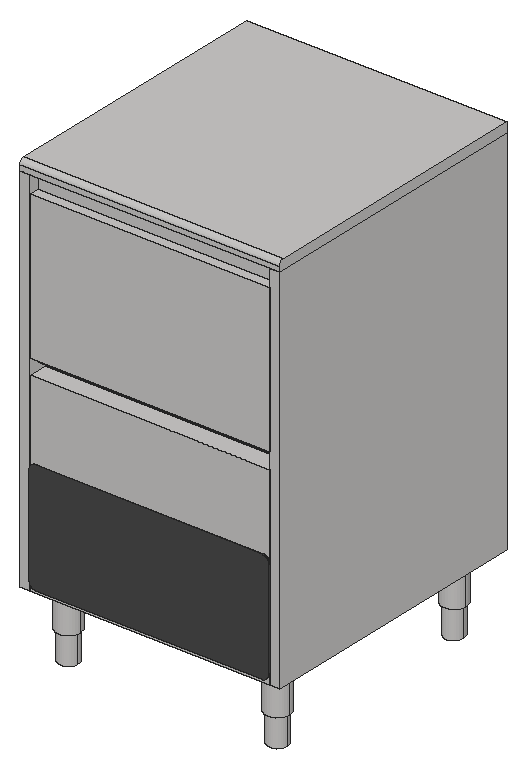
Revit family "QF_ELECTROLUXPROFESSIONAL_730333_ICC56I25SNP", category Attrezzature speciali, Revit 2018
Family settings
  Quota connettore circolare = Usa diametro
  Tipo di parte = Normale
  Basato su piano di lavoro = No
  Sempre verticale = Sì
  Taglio con vuoti quando caricato = No
  Condiviso = No
  Punto di calcolo locali = No
Parameters (values of type "Standard")
  Weight = 56.00 kg
  Watts = 0 W
  Volts = 220 V
  URL Manufacturer = "https://www.electroluxprofessional.com/"
  URL = "https://www.electroluxprofessional.com/"
  Steam Supply Size = 0 mm
  Steam Supply Minimum Pressure = 0.0 Pa
  Steam Supply Maximum Pressure = 0.0 Pa
  Steam Pounds per Hour = 0
  Show Logo [instance] = yes
  Show Clearance [instance] = yes
  Refrigeration Suction Line Size = 0 mm
  Refrigeration Liquid Line Size = 0 mm
  Refrigerant Compressor Remote = yes
  Produttore = "Electrolux Professional"
  Phase = 1
  Modello = "ICC56I25SNP"
  Length Actual = 535 mm  # constant formula
  Item Number = "730333"
  Hot Water Size = 0 mm
  Height Actual = 894 mm  # constant formula
  HP = "0 HP"
  Gas Size = 0 mm
  Gas KW = 0
  Gas Input Pressure = 0 W
  Descrizione = "WATER COOLED ICE CUBER 40GR 56KG/24H-BIN 25KG"
  Depth Actual = 595 mm  # constant formula
  Cycle = 50 Hz
  Condensate Return Size = 0 mm
  Compressed Air Volume = 0.0 L/s
  Compressed Air Size = 0 mm
  Compressed Air Pressure = 0.0 Pa
  Cold Water Size = 19.05 mm
  Accessory = yes
Reference planes
  plane 1 "Center X": y = 272.851
  plane 2: z = 0
  plane 3 "Center Y": x = -501.5
  plane 4 "LEFT": x = -769
  plane 5 "RIGHT": x = -234
  plane 6 "FRONT": y = -19.649
  plane 7 "BACK": y = 565.351
  plane 8: z = 143
  plane 9: z = 932
  plane 10: z = 912
  plane 11: x = -749
  plane 12: x = -254
  plane 13: y = 20.351
Forms (mm)
  Extrusion 1, solid, material "QF_Finishes_Black"
    sketch origin (-217.296, -19.649, 371.513) x (-1, 0, 0) y (0, 0, -1)
      loop
        arc (516.704, -9.487) -> (527.311, -5.093) -> (531.704, 5.513) r 15
        line (531.704, 5.513) -> (531.704, 206.469)
        arc (531.704, 206.469) -> (527.311, 217.075) -> (516.704, 221.469) r 15
        line (516.704, 221.469) -> (51.704, 221.469)
        arc (51.704, 221.469) -> (41.097, 217.075) -> (36.704, 206.469) r 15
        line (36.704, 206.469) -> (36.704, 5.513)
        arc (36.704, 5.513) -> (41.097, -5.093) -> (51.704, -9.487) r 15
        line (51.704, -9.487) -> (516.704, -9.487)
    from 0 to 2
  Extrusion 2, solid, material "QF_Finishes_Stainless Steel"
    sketch origin (-501.5, 0, 0) x (0, 1, 0) y (0, 0, 1)
      loop
        line (565.351, 912) -> (565.351, 932) -> (-9.649, 932)
        arc (-9.649, 932) -> (-16.72, 929.071) -> (-19.649, 922) r 10
        line (-19.649, 922) -> (-19.649, 912) -> (565.351, 912)
    from -267.5 to 267.5
  Extrusion 3, solid, material "QF_Finishes_Stainless Steel"
    sketch origin (-354.7, 565.351, -329.545) x (1, 0, 0) y (0, 0, -1)
      loop
        circle (53.2, -643.545) r 10
    from 0 to 10
  Extrusion 4, solid, material "QF_Finishes_Stainless Steel"
    sketch origin (0, 0, 0) x (1, 0, 0) y (0, 1, 0)
      loop
        line (-769, 565.351) -> (-769, -19.649) -> (-749, -19.649) -> (-749, 565.351) -> (-769, 565.351)
    from 143 to 912
  Extrusion 5, solid, material "QF_Finishes_Stainless Steel"
    sketch origin (0, 0, 0) x (1, 0, 0) y (0, 1, 0)
      loop
        line (-254, 565.351) -> (-254, -19.649) -> (-234, -19.649) -> (-234, 565.351) -> (-254, 565.351)
    from 143 to 912
  Extrusion 6, solid, material "QF_Finishes_Stainless Steel"
    sketch origin (0, 0, 0) x (1, 0, 0) y (0, 1, 0)
      loop
        line (-749, 565.351) -> (-749, 20.351) -> (-254, 20.351) -> (-254, 565.351) -> (-749, 565.351)
    from 143 to 912
  Extrusion 7, solid, material "QF_Finishes_Stainless Steel"
    sketch origin (0, 0, 0) x (1, 0, 0) y (0, 1, 0)
      loop
        line (-749, -19.649) -> (-254, -19.649) -> (-254, 20.351) -> (-749, 20.351) -> (-749, -19.649)
    from 143 to 541.146
  Extrusion 8, solid, material "QF_Finishes_Stainless Steel"
    sketch origin (-501.5, 0, 0) x (0, 1, 0) y (0, 0, 1)
      loop
        line (20.351, 912) -> (0.351, 912) -> (0.351, 876) -> (-19.649, 876) -> (-19.649, 572.768) -> (0.351, 572.768) -> (0.351, 557) -> (20.351, 557) -> (20.351, 912)
    from -247.5 to 247.5
  Extrusion 9, solid, material "QF_Finishes_Stainless Steel"
    sketch origin (-337.2, 565.351, -440.545) x (1, 0, 0) y (0, 0, -1)
      loop
        circle (53.2, -643.545) r 10
    from 0 to 10
  Extrusion 10, solid, material "QF_Finishes_Stainless Steel"
    sketch origin (-397.7, 565.351, -361.545) x (1, 0, 0) y (0, 0, -1)
      loop
        circle (53.2, -643.545) r 10
    from 0 to 10
Lines and regions (mm)
  Split face 1
    outline origin (-501.5, 0.351, 912) x (0, 0, -1) y (1, 0, 0)
      loop
        line (5.715, 124.928) -> (30.715, 124.928) -> (30.715, 164.928) -> (5.715, 164.928) -> (5.715, 124.928)
  symbolic lines
    curve 1: line (-769, 565.351, 0) -> (-234, 565.351, 0)
    curve 2: line (-769, -19.649, 0) -> (-769, 565.351, 0)
    curve 3: line (-234, -19.649, 0) -> (-769, -19.649, 0)
    curve 4: line (-234, 565.351, 0) -> (-234, -19.649, 0)
Dimensions and locks
  equal spacing: plane 4 "LEFT", plane 3 "Center Y", plane 5 "RIGHT"
  plane 4 "LEFT" to plane 5 "RIGHT" = 535 mm
  equal spacing: plane 7 "BACK", plane 1 "Center X", plane 6 "FRONT"
  plane 7 "BACK" to plane 6 "FRONT" = 585 mm
  plane 8 to plane 2 = 143 mm
  plane 9 to plane 8 = 789 mm
  locked: plane 4 "LEFT" to plane 11 at 20
  locked: plane 12 to plane 5 "RIGHT" at 20
  locked: plane 9 to plane 10 at 20
  locked: plane 13 to plane 6 "FRONT" at 40
  aligned and locked: level to plane 2
  aligned and locked: plane 5 "RIGHT" to Extrusion 2
  aligned and locked: Extrusion 2 to plane 4 "LEFT"
  aligned and locked: Extrusion 4 sketch curve to Extrusion 2  (x2)
  aligned and locked: plane 6 "FRONT" to Extrusion 4 sketch curve
  aligned and locked: Extrusion 4 sketch curve to plane 11
  aligned and locked: Extrusion 5 sketch curve to plane 7 "BACK"
  aligned and locked: plane 12 to Extrusion 5 sketch curve
  aligned and locked: Extrusion 5 sketch curve to Extrusion 2  (x2)
  aligned and locked: plane 10 to Extrusion 4
  aligned and locked: plane 10 to Extrusion 5
  aligned and locked: Extrusion 4 to plane 8
  aligned and locked: Extrusion 5 to plane 8
  aligned and locked: Extrusion 6 sketch curve to Extrusion 4
  aligned and locked: Extrusion 4 to Extrusion 6 sketch curve
  aligned and locked: plane 13 to Extrusion 6 sketch curve
  aligned and locked: Extrusion 6 sketch curve to plane 12
  aligned and locked: plane 10 to Extrusion 6
  aligned and locked: Extrusion 6 to plane 8
  aligned and locked: Extrusion 4 to Extrusion 7 sketch curve
  aligned and locked: Extrusion 7 sketch curve to Extrusion 4
  aligned and locked: plane 13 to Extrusion 7 sketch curve
  aligned and locked: plane 12 to Extrusion 7 sketch curve
  aligned and locked: Extrusion 7 to plane 8
  aligned and locked: plane 12 to Extrusion 8
  aligned and locked: Extrusion 8 to plane 11
Automatic sketch dimensions
  curve 3 to plane 4 "LEFT" = 0 mm
  curve 3 to plane 5 "RIGHT" = 0 mm
  curve 3 to plane 6 "FRONT" = 0 mm
  curve 2 to plane 7 "BACK" = 0 mm
  Extrusion 1 sketch curve to plane 12 = 0 mm
  plane 8 to Extrusion 1 sketch curve = 7.044 mm
  Extrusion 1 sketch curve to Extrusion 1 sketch curve = 15 mm  (x3)
  plane 11 to Extrusion 1 sketch curve = 15 mm  (x2)
  Extrusion 1 sketch curve to Extrusion 1 sketch curve = 200.956 mm
  Extrusion 2 sketch curve to plane 6 "FRONT" = 0 mm
  Extrusion 2 sketch curve to plane 9 = 0 mm
  Extrusion 2 sketch curve to plane 7 "BACK" = 0 mm
  Extrusion 2 sketch curve to plane 10 = 0 mm
  plane 6 "FRONT" to Extrusion 2 sketch curve = 10 mm
  Extrusion 6 to Extrusion 3 sketch curve = 171 mm
  Extrusion 3 sketch curve to Extrusion 6 = 47.5 mm
  Extrusion 8 sketch curve to plane 6 "FRONT" = 0 mm
  Extrusion 8 sketch curve to plane 10 = 0 mm
  Extrusion 8 sketch curve to plane 13 = 0 mm
  plane 6 "FRONT" to Extrusion 8 sketch curve = 20 mm  (x2)
  Extrusion 8 sketch curve to plane 10 = 36 mm
  Extrusion 8 sketch curve to Extrusion 8 sketch curve = 303.232 mm
  Extrusion 8 sketch curve to Extrusion 8 sketch curve = 15.768 mm
  Split face 1 sketch curve to Extrusion 8 = 5.715 mm
  Extrusion 8 to Split face 1 sketch curve = 5.285 mm
  Split face 1 sketch curve to Extrusion 8 = 122.572 mm
  Split face 1 sketch curve to Split face 1 sketch curve = 40 mm
  Extrusion 9 sketch curve to Extrusion 6 = 30 mm
  Extrusion 6 to Extrusion 9 sketch curve = 60 mm
  Extrusion 10 sketch curve to Extrusion 6 = 90.5 mm
  Extrusion 6 to Extrusion 10 sketch curve = 139 mm
  radius of Extrusion 3 sketch curve = 10 mm
  radius of Extrusion 9 sketch curve = 10 mm
  radius of Extrusion 10 sketch curve = 10 mm
Nested families
  nested 1: "Foot_Complete" at (-717, 40.351, 0), type "Foot_Complete"
    with H 143 mm
  nested 2: "Foot_Complete" at (-286, 40.351, 0) x (-1, 0, 0) z (0, 0, 1), type "Foot_Complete"
    with H 143 mm
  nested 3: "Foot_Complete" at (-717, 494.351, 0), type "Foot_Complete"
    with H 143 mm
  nested 4: "Foot_Complete" at (-286, 494.351, 0) x (-1, 0, 0) z (0, 0, 1), type "Foot_Complete"
    with H 143 mm
Connectors
  electrical at (-284, 575.351, 203), driven by "Volts"
    settings: on Extrusion 9, index 1, voltage 220 V, apparent load 0 VA, apparent load phase1 0 VA, apparent load phase2 0 VA, apparent load phase3 0 VA, power factor 1, load classification "Altro", number of poles 1, system type 30, power factor state 1, is connector primary yes, connector utility no, sub classification motor no, connector description "Electrical Connection"
  piping at (-301.5, 575.351, 314), diameter 20
    settings: on Extrusion 3, index 2, connector inside diameter 609.6 mm, connector length 0 mm, flow factor 0, pipe flow 0.0 L/s, pressure drop 0.0 Pa, fitting loss kfactor 0, connector angle 0.00°, fixture units 0, engagement length 0 mm, angle of deflection 0.00°, flow configuration 0, flow direction 0, fitting loss method 0, system type 20, joint type 0, gender type 0, connector reference index -1, connector utility 0, adjustable connector no, is connector primary yes, connector description "Cold water"
  piping at (-344.5, 575.351, 282), diameter 20
    settings: on Extrusion 10, index 3, connector inside diameter 609.6 mm, connector length 0 mm, flow factor 0, pipe flow 0.0 L/s, pressure drop 0.0 Pa, fitting loss kfactor 0, connector angle 0.00°, fixture units 0, engagement length 0 mm, angle of deflection 0.00°, flow configuration 0, flow direction 0, fitting loss method 0, system type 16, joint type 0, gender type 0, connector reference index -1, connector utility 0, adjustable connector no, is connector primary no, connector description "Drain"
Definition of nested family "Foot_Complete"
  Parameters (values of type "Foot_Complete")
    R = 25 mm
    H = 153 mm
  Reference planes
    plane 1 "Centro (Fronte/Retro)": y = 0
    plane 2: z = 0
    plane 3 "Centro (Sinistra/Destra)": x = 0
    plane 4: z = 153
  Forms (mm)
    Revolve 1, solid
      sketch origin (255.05, 0, 608.09) x (0, 0, 1) y (-1, 0, 0)
        loop
          line (-608.09, 255.05) -> (-608.09, 235.05) -> (-548.09, 235.05) -> (-548.09, 230.05) -> (-455.09, 230.05) -> (-455.09, 255.05) -> (-608.09, 255.05)
        axis (-608.09, 255.05) -> (-455.09, 255.05)
      angle from 0 to 360
  Dimensions and locks
    level to Revolve 1 sketch curve = 60 mm
    "R": Revolve 1 sketch curve to plane 3 "Centro (Sinistra/Destra)"
    "H": plane 4 to level
    aligned and locked: level to plane 2
    aligned and locked: plane 4 to Revolve 1 sketch curve
    aligned and locked: Revolve 1 sketch curve to level
    aligned and locked: plane 3 "Centro (Sinistra/Destra)" to Revolve 1 sketch curve
  Automatic sketch dimensions
    Revolve 1 sketch curve to plane 3 "Centro (Sinistra/Destra)" = 0 mm
    plane 3 "Centro (Sinistra/Destra)" to Revolve 1 sketch curve = 20 mm
    Revolve 1 sketch curve to Revolve 1 sketch curve = 50 mm
    Revolve 1 sketch curve to Revolve 1 sketch curve = 20 mm
